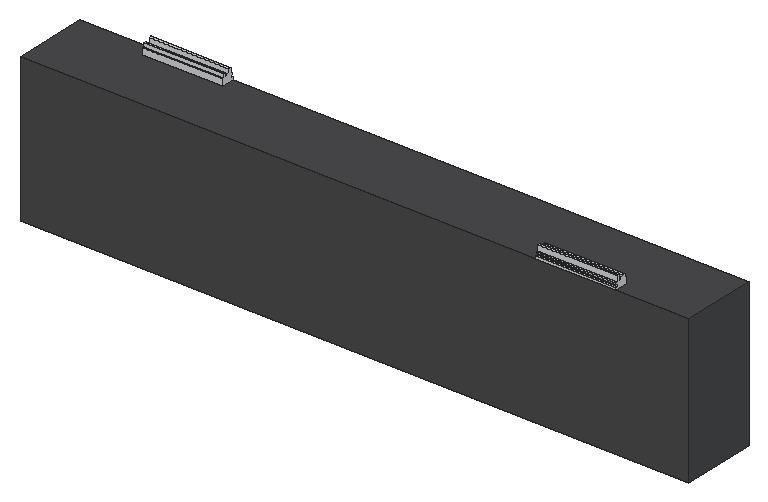
Revit family "STRIPE BLOCK RAIL 328_DTM15N.3.2.90", category Luminarias, Revit 2019
Family settings
  Cota de conector redondo = Diámetro de uso
  Tipo de pieza = Normal
  Se basa en plano de trabajo = Sí
  Siempre vertical = Sí
  Corte con vacíos al cargar = No
  Origen de luz = Sí
  Compartido = No
  Punto de cálculo de habitación = No
Parameters (values of type "STRIPE BLOCK RAIL 328_DTM15N.3.2.90")
  Ángulo de inclinación = 60.00°
  Zone [instance] = ""
  Watt per fixture = 15
  Wattage = 15 W
  built-in parameter 1150107 = 4000 (stored number, unit not read)
  built-in parameter 1150110 = 1 (stored number, unit not read)
  built-in parameter 1150109 = 1 (stored number, unit not read)
  built-in parameter 1150112 = 1 (stored number, unit not read)
  built-in parameter 1150113 = 1 (stored number, unit not read)
  built-in parameter 1114218 = 1 (stored number, unit not read)
  Keynote = ""
  built-in parameter 1150137 = (empty or 0)
  built-in parameter 1150132 = (empty or 0)
  Modelo = "DTM15N.3.2.90"
  Lámpara = "2835SMD SAMSUNG"
  built-in parameter 1150105 = 100.27 (stored number, unit not read)
  built-in parameter 1150102 = (empty or 0)
  built-in parameter 1150106 = 1.0027 (stored number, unit not read)
  Lumens = 1260 lm
  Color Filter = 16777215
  built-in parameter 1114217 = 1 (stored number, unit not read)
  built-in parameter 1150139 = (empty or 0)
  Fabricante = "BRILLANT"
  Default Elevation = 1219.2 mm
  built-in parameter 1150104 = 7.8039 (stored number, unit not read)
  Descripción = "LUMINARIA DOWNLIGHT EN FORMATO RECTANGULAR COMPATIBLE CON RIEL DE 6 ENTRADAS Y 3 CIRCUITOS, CUERPO DE ALUMINIO ACABADO EN COLOR NEGRO, IP 20, PESO 0.72Kg, TIPO DE LED 2835SMD SAMSUNG CON 15W TOTAL, 1200 LUMENES, 84LM/W, IRC 90, TEMPERATURA EN BLANCO FRIO 4000K, 50 MIL HORAS DE VIDA PROMEDIO, APERTURA DE 90 GRADOS POR STOCK, ALIMENTADO A 90-240V"
  built-in parameter 1150115 = 1 (stored number, unit not read)
  built-in parameter 1150114 = 1 (stored number, unit not read)
  Comentarios de vataje = "90-240V"
  built-in parameter 1150138 = (empty or 0)
  built-in parameter 1150134 = 12
  Circuit [instance] = ""
  Dimming Lamp Color Temperature Shift = (empty or 0)
  Archivo de red fotométrica = "L328B-15W-840-B-90_IESNA95.IES"
  built-in parameter 1150133 = 10 (stored number, unit not read)
Reference planes
  plane 1 "Centro (Frontal/Posterior)": y = 0
  plane 2: z = 0
  plane 3 "Centro (Izquierda/Derecha)": x = 0
Forms (mm)
  Extrusion 1, solid, material "Default Form"
    sketch origin (0, 0, 0) x (1, 0, 0) y (0, 0, 1)
      loop
        line (-164, 0) -> (-164, -72) -> (164, -72) -> (164, 0) -> (-164, 0)
    from -18.326 to 18.326
  Extrusion 2, solid
    sketch origin (0, 0, 3.217) x (0, 1, 0) y (0, 0, 1)
      loop
        line (-12.149, -3.217) -> (-12.149, 0) -> (-12.935, 0) -> (-12.935, 1.637) -> (-13.796, 1.637) -> (-13.796, 0) -> (-14.582, 0) -> (-14.582, 0.811) -> (-15.443, 0.811) -> (-15.443, 0) -> (-16.233, 0) -> (-16.233, 2.691) -> (-17.279, 2.691) -> (-17.279, 0) -> (-18.061, 0) -> (-18.061, -0.861) -> (-17.162, -0.861) -> (-17.162, -2.042) -> (-18.326, -2.042) -> (-18.326, -3.217) -> (-12.149, -3.217)
    from 89.098 to 128.24
  Blend 3, void
    base sketch origin (0, 0, 0) x (1, 0, 0) y (0, 1, 0)
      loop
        line (-162, 16.149) -> (-162, -16.149) -> (162.02, -16.149) -> (162.02, 16.149) -> (-162, 16.149)
    top sketch origin (0, 0, 0) x (1, 0, 0) y (0, 1, 0)
      loop
        line (-160, 12.149) -> (-160, -12.149) -> (159.067, -12.149) -> (159.067, 12.149) -> (-160, 12.149)
    from -72 to -61.591
  Extrusion 4, solid
    sketch origin (0, 0, 3.217) x (0, -1, 0) y (0, 0, 1)
      loop
        line (-12.149, -3.217) -> (-12.149, 0) -> (-12.935, 0) -> (-12.935, 1.637) -> (-13.796, 1.637) -> (-13.796, 0) -> (-14.582, 0) -> (-14.582, 0.811) -> (-15.443, 0.811) -> (-15.443, 0) -> (-16.233, 0) -> (-16.233, 2.691) -> (-17.279, 2.691) -> (-17.279, 0) -> (-18.061, 0) -> (-18.061, -0.861) -> (-17.162, -0.861) -> (-17.162, -2.042) -> (-18.326, -2.042) -> (-18.326, -3.217) -> (-12.149, -3.217)
    from 89.098 to 128.24
  Extrusion 5, solid, material "Cristal"
    sketch origin (0, 0, 0) x (1, 0, 0) y (0, 1, 0)
      loop
        line (-162, 16.149) -> (-162, -16.149) -> (162.02, -16.149) -> (162.02, 16.149) -> (-162, 16.149)
    from -71.747 to -71.525
Cuts and joins
  Blend 3 cuts Extrusion 1
Dimensions and locks
  equal spacing: Extrusion 1, plane 1 "Centro (Frontal/Posterior)", Extrusion 1
  Extrusion 1 to plane 1 "Centro (Frontal/Posterior)" = 18.326 mm
  Extrusion 1 to Extrusion 1 = 36.651 mm
  Extrusion 1 to Extrusion 1 = 72 mm
  Extrusion 1 to Extrusion 1 = 328 mm
  cut or joined group of Extrusion 1, Blend 3 to cut or joined group of Extrusion 1, Blend 3 = 72 mm
  cut or joined group of Extrusion 1, Blend 3 to cut or joined group of Extrusion 1, Blend 3 = 36.651 mm
  cut or joined group of Extrusion 1, Blend 3 to cut or joined group of Extrusion 1, Blend 3 = 328 mm
  equal spacing: cut or joined group of Extrusion 1, Blend 3, plane 1 "Centro (Frontal/Posterior)", cut or joined group of Extrusion 1, Blend 3
  aligned and locked: level to plane 2
Automatic sketch dimensions
  Extrusion 1 sketch curve to level = 0 mm
  Extrusion 1 sketch curve to level = 72 mm
  Extrusion 1 sketch curve to plane 3 "Centro (Izquierda/Derecha)" = 164 mm
  plane 3 "Centro (Izquierda/Derecha)" to Extrusion 1 sketch curve = 164 mm
  Extrusion 4 sketch curve to level = 0 mm
  level to Extrusion 4 sketch curve = 1.175 mm
  Extrusion 4 sketch curve to plane 1 "Centro (Frontal/Posterior)" = 18.326 mm
  Extrusion 4 sketch curve to Extrusion 4 sketch curve = 0.265 mm
  Extrusion 4 sketch curve to Extrusion 4 sketch curve = 0.782 mm
  Extrusion 4 sketch curve to Extrusion 4 sketch curve = 1.164 mm
  Extrusion 4 sketch curve to Extrusion 4 sketch curve = 1.046 mm
  Extrusion 4 sketch curve to Extrusion 4 sketch curve = 0.789 mm
  Extrusion 4 sketch curve to Extrusion 4 sketch curve = 0.861 mm  (x3)
  Extrusion 4 sketch curve to Extrusion 4 sketch curve = 0.786 mm
  Extrusion 4 sketch curve to Extrusion 4 sketch curve = 0.785 mm
  Extrusion 4 sketch curve to Extrusion 4 sketch curve = 1.181 mm
  level to Extrusion 4 sketch curve = 3.217 mm
  Extrusion 4 sketch curve to Extrusion 4 sketch curve = 0 mm  (x2)
  Extrusion 4 sketch curve to Extrusion 4 sketch curve = 0.811 mm
  Extrusion 4 sketch curve to Extrusion 4 sketch curve = 0.826 mm
  Extrusion 4 sketch curve to Extrusion 4 sketch curve = 1.88 mm
  Extrusion 2 sketch curve to level = 0 mm
  level to Extrusion 2 sketch curve = 1.175 mm
  plane 1 "Centro (Frontal/Posterior)" to Extrusion 2 sketch curve = 18.326 mm
  Extrusion 2 sketch curve to Extrusion 2 sketch curve = 0.265 mm
  Extrusion 2 sketch curve to Extrusion 2 sketch curve = 0.782 mm
  Extrusion 2 sketch curve to Extrusion 2 sketch curve = 0.117 mm
  Extrusion 2 sketch curve to Extrusion 2 sketch curve = 1.046 mm
  Extrusion 2 sketch curve to Extrusion 2 sketch curve = 0.789 mm
  Extrusion 2 sketch curve to Extrusion 2 sketch curve = 0.861 mm  (x3)
  Extrusion 2 sketch curve to Extrusion 2 sketch curve = 0.786 mm
  Extrusion 2 sketch curve to Extrusion 2 sketch curve = 0.785 mm
  Extrusion 2 sketch curve to Extrusion 2 sketch curve = 1.181 mm
  Extrusion 2 sketch curve to Extrusion 2 sketch curve = 3.217 mm
  Extrusion 2 sketch curve to Extrusion 2 sketch curve = 0 mm  (x2)
  Extrusion 2 sketch curve to Extrusion 2 sketch curve = 0.811 mm
  Extrusion 2 sketch curve to Extrusion 2 sketch curve = 0.826 mm
  Extrusion 2 sketch curve to Extrusion 2 sketch curve = 1.88 mm
  Blend 3 sketch curve to plane 1 "Centro (Frontal/Posterior)" = 16.149 mm
  Blend 3 sketch curve to plane 3 "Centro (Izquierda/Derecha)" = 162 mm
  plane 1 "Centro (Frontal/Posterior)" to Blend 3 sketch curve = 16.149 mm
  plane 3 "Centro (Izquierda/Derecha)" to Blend 3 sketch curve = 162.02 mm
  Blend 3 sketch curve to plane 1 "Centro (Frontal/Posterior)" = 12.149 mm
  Blend 3 sketch curve to plane 3 "Centro (Izquierda/Derecha)" = 160 mm
  plane 1 "Centro (Frontal/Posterior)" to Blend 3 sketch curve = 12.149 mm
  plane 3 "Centro (Izquierda/Derecha)" to Blend 3 sketch curve = 159.067 mm
  plane 1 "Centro (Frontal/Posterior)" to Extrusion 5 sketch curve = 16.149 mm
  Extrusion 5 sketch curve to plane 3 "Centro (Izquierda/Derecha)" = 162 mm
  plane 3 "Centro (Izquierda/Derecha)" to Extrusion 5 sketch curve = 162.02 mm
  Extrusion 5 sketch curve to plane 1 "Centro (Frontal/Posterior)" = 16.149 mm
Connectors
  electrical at (0, 0, 0)
    settings: on cut or joined group of Extrusion 1, Blend 3, index 1, voltage 240 V, apparent load 0 VA, apparent load phase1 0 VA, apparent load phase2 0 VA, apparent load phase3 0 VA, power factor 1, load classification "Otro", number of poles 1, system type 31, power factor state 1, is connector primary yes, connector utility no, sub classification motor no, connector description ""
